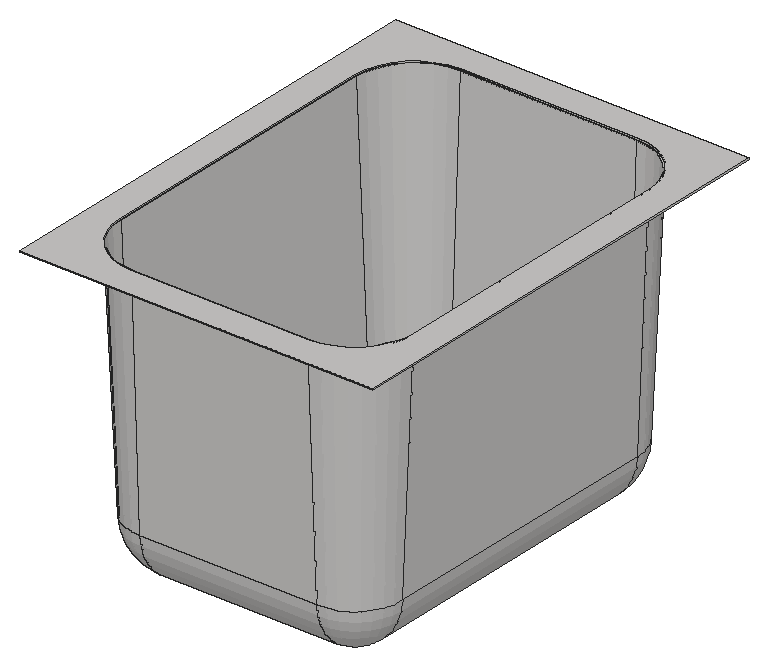
Revit family "QF_Vollrath_10101-1P", category Specialty Equipment, Revit 2018
Family settings
  Round Connector Dimension = Use Diameter
  Part Type = Normal
  OmniClass Number = 23.40.40.14.31
  OmniClass Title = Cleaning and Disposal Equipment
  Work Plane-Based = Yes
  Always vertical = Yes
  Cut with Voids When Loaded = No
  Shared = No
  Room Calculation Point = No
Parameters
  Width = 1' - 0"
  Weight in Pounds = 0
  Watermarked By = "http://revitwatermark.com"
  URL Cutsheet = ""
  Status [instance] = ""
  Specification by User [instance] = ""
  Specification by Manufacturer [instance] = ""
  Sink Width = 0' - 10"
  Sink Depth = 1' - 2"
  Sink Basin Depth = 0' - 9 1/4"
  Serial Number [instance] = ""
  Seismic Rating [instance] = ""
  SMACNA No [instance] = ""
  Revision Code [instance] = ""
  NAFEM Spec ID Number [instance] = ""
  Model = "10101-1P"
  Masterspec [instance] = ""
  Manufacturer = "Vollrath"
  Item Number [instance] = "-"
  Installed By [instance] = ""
  Indirect Waste Size = 2"
  Indirect Waste Flow [instance] = 0.00 GPM
  Indirect Waste Connection Type [instance] = ""
  Indirect Waste Connection Height [instance] = 0' - 0"
  Furnished By [instance] = ""
  Foodservice Equipment Identifier [instance] = yes
  Description = "Undermount Sink"  # constant formula
  Depth = 1' - 4"
  Default Elevation = 4' - 0"
  CSI MasterFormat = ""
Reference planes (in)
  plane 1 "BACK": y = 0
  plane 2 "BOTTOM": z = 0
  plane 3 "LEFT": x = 0
  plane 4 "RIGHT": x = 12
  plane 5 "FRONT": y = -16
  plane 6: x = 6
  plane 7: y = -8
  plane 8: y = -1
  plane 9: y = -15
  plane 10: x = 1
  plane 11: x = 11
  plane 12 "Sink Bottom": z = -10.084
  plane 13 "Bottom of Skirt": z = -1.5625
  plane 14 "LIP1": z = -0.125
  plane 15: y = -8
Forms (in)
  Sweep 1, solid, material "QF_Finishes_Stainless Steel"
    path origin (0, 0, 0) x (1, 0, 0) y (0, 1, 0)
      loop
        arc (2.9981, -1) -> (1.58523, -1.58523) -> (1, -2.9981) r 1.9981
        line (1, -2.9981) -> (1, -13.0019)
        arc (1, -13.0019) -> (1.58523, -14.41477) -> (2.9981, -15) r 1.9981
        line (2.9981, -15) -> (9.0019, -15)
        arc (9.0019, -15) -> (10.41477, -14.41477) -> (11, -13.0019) r 1.9981
        line (11, -13.0019) -> (11, -2.9981)
        arc (11, -2.9981) -> (10.41477, -1.58523) -> (9.0019, -1) r 1.9981
        line (9.0019, -1) -> (2.9981, -1)
    profile origin (6, -1, 0) x (0, 1, 0) y (0, 0, 1)
      loop
        line (-0.03761, 0) -> (-0.39681, -8.22333)
        arc (-0.39681, -8.22333) -> (-0.85161, -9.38899) -> (-1.92345, -10.03458) r 1.94008
        line (-1.92345, -10.03458) -> (-1.91591, -10.06923)
        arc (-1.91591, -10.06923) -> (-0.82404, -9.41107) -> (-0.36078, -8.22333) r 1.9774
        line (-0.36078, -8.22333) -> (-0.00157, 0) -> (-0.03761, 0)
  Extrusion 2, solid, material "QF_Finishes_Stainless Steel"
    sketch origin (0, 0, 0) x (1, 0, 0) y (0, 1, 0)
      loop
        arc (1, -13.0019) -> (1.58523, -14.41477) -> (2.9981, -15) r 1.9981
        line (2.9981, -15) -> (9.0019, -15)
        arc (9.0019, -15) -> (10.41477, -14.41477) -> (11, -13.0019) r 1.9981
        line (11, -13.0019) -> (11, -2.9981)
        arc (11, -2.9981) -> (10.41477, -1.58523) -> (9.0019, -1) r 1.9981
        line (9.0019, -1) -> (2.9981, -1)
        arc (2.9981, -1) -> (1.58523, -1.58523) -> (1, -2.9981) r 1.9981
        line (1, -2.9981) -> (1, -13.0019)
      loop
        line (0, -16) -> (12, -16) -> (12, 0) -> (0, 0) -> (0, -16)
    from 0 to 0.036
  Extrusion 3, solid, material "QF_Finishes_Stainless Steel"
    sketch origin (0, 0, -9.25) x (-1, 0, 0) y (0, -1, 0)
      loop
        line (-9.0019, 2.91591) -> (-2.9981, 2.91591)
        arc (-2.9981, 2.91591) -> (-2.93998, 2.93998) -> (-2.91591, 2.9981) r 0.08219
        line (-2.91591, 2.9981) -> (-2.91591, 13.0019)
        arc (-2.91591, 13.0019) -> (-2.93998, 13.06002) -> (-2.9981, 13.08409) r 0.08219
        line (-2.9981, 13.08409) -> (-9.0019, 13.08409)
        arc (-9.0019, 13.08409) -> (-9.06002, 13.06002) -> (-9.08409, 13.0019) r 0.08219
        line (-9.08409, 13.0019) -> (-9.08409, 2.9981)
        arc (-9.08409, 2.9981) -> (-9.06002, 2.93998) -> (-9.0019, 2.91591) r 0.08219
      loop
        circle (-6, 8) r 1.75
    from -0.834 to -0.78458
Lines and regions (in)
  symbolic lines
    curve 1: line (0, 0, -10.084) -> (12, 0, -10.084)
    curve 2: line (0, -16, -10.084) -> (0, 0, -10.084)
    curve 3: line (12, -16, -10.084) -> (0, -16, -10.084)
    curve 4: line (12, 0, -10.084) -> (12, -16, -10.084)
    curve 6: arc (1, -2.9981, -10.084) -> (1.58523, -1.58523, -10.084) -> (2.9981, -1, -10.084) r 1.9981
    curve 7: line (9.0019, -1, -10.084) -> (2.9981, -1, -10.084)
    curve 8: line (1, -2.9981, -10.084) -> (1, -13.0019, -10.084)
    curve 9: arc (9.0019, -1, -10.084) -> (10.41477, -1.58523, -10.084) -> (11, -2.9981, -10.084) r 1.9981
    curve 10: line (11, -13.0019, -10.084) -> (11, -2.9981, -10.084)
    curve 11: arc (11, -13.0019, -10.084) -> (10.41477, -14.41477, -10.084) -> (9.0019, -15, -10.084) r 1.9981
    curve 12: line (2.9981, -15, -10.084) -> (9.0019, -15, -10.084)
    curve 13: arc (2.9981, -15, -10.084) -> (1.58523, -14.41477, -10.084) -> (1, -13.0019, -10.084) r 1.9981
    curve 14: line (12, -16, -10.084) -> (0, -16, -10.084)
  symbolic lines, style "QF_Surface Details"
    curve 5: circle (6, -8, -10.084) r 1.75 normal (0, 0, -1)
Dimensions and locks (in)
  "Width": plane 3 "LEFT" to plane 4 "RIGHT"
  "Depth": plane 5 "FRONT" to plane 1 "BACK"
  "Sink Depth": plane 8 to plane 9
  equal spacing: plane 3 "LEFT", plane 6, plane 4 "RIGHT"
  equal spacing: plane 10, plane 6, plane 11
  "Sink Width": plane 10 to plane 11
  level to plane 12 "Sink Bottom" = 0' - 10.084"  (x2)
  level to plane 13 "Bottom of Skirt" = 0' - 1 9/16"
  equal spacing: plane 8, plane 7, plane 9
  plane 1 "BACK" to plane 8 = 0' - 1"
  plane 9 to plane 5 "FRONT" = 0' - 1"
  locked: plane 3 "LEFT" to plane 10 at 1
  plane 11 to plane 4 "RIGHT" = 0' - 1"
  aligned and locked: level to plane 2 "BOTTOM"
  aligned and locked: Sweep 1 sketch curve to plane 8
  aligned and locked: plane 10 to Sweep 1 sketch curve
  aligned and locked: plane 9 to Sweep 1 sketch curve
  aligned and locked: Sweep 1 sketch curve to plane 11
  aligned and locked: Extrusion 2 sketch curve to plane 3 "LEFT"
  aligned and locked: plane 5 "FRONT" to Extrusion 2 sketch curve
  aligned and locked: plane 4 "RIGHT" to Extrusion 2 sketch curve
  aligned and locked: Extrusion 2 sketch curve to plane 1 "BACK"
  aligned: plane 14 "LIP1" to Extrusion 2
  aligned and locked: Extrusion 3 to Sweep 1
Automatic sketch dimensions
  plane 1 "BACK" to curve 1 = 0' - 0"
  curve 1 to plane 4 "RIGHT" = 0' - 0"
  curve 5 to plane 6 = 0' - 0"
  curve 2 to plane 3 "LEFT" = 0' - 0"
  curve 5 to plane 15 = 0' - 0"
  plane 5 "FRONT" to curve 3 = 0' - 0"
  plane 10 to Extrusion 2 sketch curve = 0' - 1.9981"
  plane 9 to Extrusion 2 sketch curve = 0' - 1.9981"  (x2)
  Extrusion 2 sketch curve to plane 11 = 0' - 1.9981"
  Sweep 1 sketch curve to plane 8 = 0' - 1.9981"  (x2)
  plane 9 to Sweep 1 sketch curve = 0' - 1.9981"  (x2)
  Extrusion 2 sketch curve to plane 10 = 0' - 0"
  Extrusion 2 sketch curve to plane 9 = 0' - 0"
  Extrusion 2 sketch curve to plane 11 = 0' - 0"
  Extrusion 2 sketch curve to plane 8 = 0' - 0"
  Sweep 1 sketch curve to plane 2 "BOTTOM" = 0' - 0"
  profile plane to Sweep 1 sketch curve = 0' - 2.3363"
  Sweep 1 sketch curve to Sweep 1 sketch curve = 0' - 0.00125"
  profile plane to Sweep 1 sketch curve = 0' - 0.39681"
  Sweep 1 sketch curve to Sweep 1 sketch curve = 0' - 0.03603"
  profile plane to Sweep 1 sketch curve = 0' - 0.03761"
  profile plane to Sweep 1 sketch curve = 0' - 0.00157"
  Sweep 1 sketch curve to plane 2 "BOTTOM" = 0' - 8.13703"
  Sweep 1 sketch curve to Sweep 1 sketch curve = 0' - 0.00163"
  Sweep 1 sketch curve to Sweep 1 sketch curve = 0' - 0.08467"
  Sweep 1 sketch curve to Sweep 1 sketch curve = 0' - 0"
  profile plane to Sweep 1 sketch curve = 0' - 1.92345"
  Sweep 1 sketch curve to Sweep 1 sketch curve = 0' - 0.00754"
  Extrusion 3 sketch curve to plane 6 = 0' - 0"
  Extrusion 3 sketch curve to plane 7 = 0' - 0"
  Extrusion 3 sketch curve to plane 11 = 0' - 1.9981"
  plane 10 to Extrusion 3 sketch curve = 0' - 1.9981"
  Extrusion 3 sketch curve to Extrusion 3 sketch curve = 0' - 0.08219"  (x4)
  Extrusion 3 sketch curve to plane 8 = 0' - 1.9981"
  plane 9 to Extrusion 3 sketch curve = 0' - 1.9981"
  curve 7 to plane 8 = 0' - 0"
  curve 6 to plane 10 = 0' - 0"
  plane 10 to curve 7 = 0' - 1.9981"
  curve 7 to plane 11 = 0' - 1.9981"
  plane 9 to curve 8 = 0' - 1.9981"
  curve 9 to plane 11 = 0' - 0"
  plane 9 to curve 10 = 0' - 1.9981"
  curve 11 to plane 9 = 0' - 0"
  radius of curve 5 = 0' - 1 3/4"
  radius of Extrusion 3 sketch curve = 0' - 1 3/4"
Connectors (in)
  piping at (6, -8, -10.03458), diameter 2, driven by "Indirect Waste Flow"
    settings: on Extrusion 3, index 1, connector inside diameter 2", connector length 0' - 0", flow factor 0, pipe flow 0.00 GPM, pressure drop 0.00 psi, fitting loss kfactor 0, connector angle 0.00°, fixture units 0, engagement length 0' - 0", angle of deflection 0.00°, flow configuration 1, flow direction 2, fitting loss method 0, system type 16, joint type 0, gender type 0, connector reference index -1, connector utility 0, adjustable connector no, is connector primary yes, connector description "IW"
